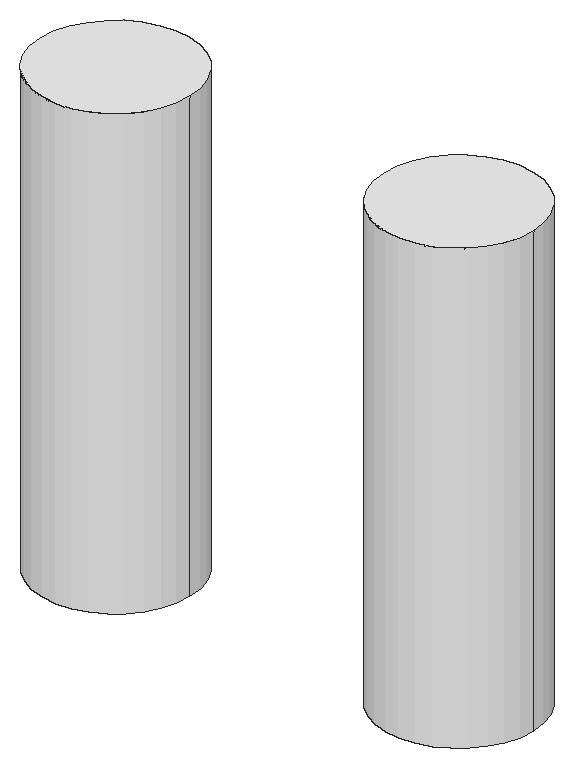
Revit family "5237226733(2023)", category Plumbing Fixtures, Revit 2020
Family settings
  Round Connector Dimension = Use Diameter
  Part Type = Normal
  OmniClass Number = 23.45.55.00
  OmniClass Title = Sanitary Faucets, Wastes
  Work Plane-Based = No
  Always vertical = Yes
  Cut with Voids When Loaded = No
  Shared = No
  Room Calculation Point = No
Parameters (values of type "5237226733 Washbasin faucet")
  Working Pressure = "50 - 1000 kPa"
  WarrantyStartDate [instance] = "n/a"
  WarrantyGuarantorParts = "n/a"
  WarrantyGuarantorLabor = "n/a"
  WarrantyDurationUnit = "Year"
  WarrantyDurationParts = "n/a"
  WarrantyDurationLabor = "n/a"
  WarrantyDescription = "http://warranty.hansa.com"
  Warranty Information URL = "http://warranty.hansa.com"
  VersionDate = "17/01/2024"
  Version = "1"
  ValvePattern = "n/a"
  ValveOperation = "n/a"
  ValveMechanism = "n/a"
  Uniclass2015Reference = "Pr_40_20_87_96"
  Uniclass2015Description = "Washbasin manual water supply sets"
  Uniclass2 = "Pr_40_30_96_96"
  URL UWL = "http://static.hansa.com/UWL/5237226733"
  URL REACH = "http://static.hansa.com/doc/reach"
  URL Materials Declaration = "http://www.hansa.com/fileadmin/resources/185565_5237226733_materialsdeclaration.pdf"
  URL EcoLabel Declaration = "http://static.hansa.com/doc/EcoLabel"
  URL EU Packaging Declaration = "http://static.hansa.com/doc/packaging"
  URL Declaration of SCIP = "http://static.hansa.com/doc/SCIP"
  URL Declaration of Conformity = "http://static.hansa.com/DoC/5237226733"
  URL Declaration of Asbestos = "http://static.hansa.com/doc/asbestos"
  URL Declaration Of Performance (DOP) = "http://static.hansa.com/doc/DoP"
  URL = ""
  UNSPSC Class Number = "30181700 Faucets or taps"
  Type Comments = ""
  TestPressure = "n/a"
  Temperature Adjustments = "Limitation option for maximum temperature and flow-rate "
  Technical DataSheet URL = "http://www.hansa.com/datasheet/5237226733/en"
  TagNumber [instance] = "n/a"
  SustainabilityPerformance = "n/a"
  Surface treatment = "Matt black"
  Spout Type = "Fixed spout"
  Spout Projection = "114 mm"
  Size = "50x150x190 mm"
  Shape = "Sculptured"
  SerialNumber [instance] = "n/a"
  Sales Package dimensions (LxWxH) = "380 x 180 x 74"
  Revision = "n/a"
  ReplacementCost = "n/a"
  ProductInformation = "n/a"
  Product URL = "http://static.hansa.com/5237226733"
  Product Image URL = "http://static.hansa.com/image/5237226733"
  Product Family = "HANSAVANTIS "
  Product Code = "5237226733"
  OperatingMechanismMaterial = "n/a"
  NominalWidth = 46.441 mm
  NominalHeight = 188.5 mm
  NominalDepth = 148.37 mm
  Noise Class = "I (ISO 3822)"
  Name_en = "5237226733 Washbasin faucet"
  Name = "5237226733 Washbasin faucet"
  NBSReference = "45-35-70/371"
  NBSDescription = "Water supply fittings for wash basins and troughs"
  ModelReference = "5237226733"
  ModelNumber = "n/a"
  Model = "5237226733 Washbasin faucet"
  Mobile Product Information URL = "http://mpi.hansa.com/5237226733"
  Mechanical Parts = "30Cartridge"
  Max. Hot Water Supply = 70 °C
  Material = "Brass"
  Market = "International;Germany;Austria;Belgium;Netherlands;Czech Republic;Slovakia;Italy"
  ManufacturerURL = "http://www.hansa.com"
  ManufacturerName = "HANSA"
  Manufacturer = "HANSA"
  Lever Handle = "Single operating lever/handle;Pin shape;Hot/Cold symbols"
  Keynote = ""
  Interactive AR View URL = "https://static.hansa.com/AR/5237226733"
  InstallationDate [instance] = "n/a"
  Installation and Maintenance Guide URL = "http://static.hansa.com/manual/5237226733"
  Installation Type = "Deck mounted"
  InletConnectionSize = 10 mm
  IfcExportType = "FAUCET"  # constant formula
  IfcExportAs = "IfcValveType"  # constant formula
  Group = "Washbasin faucet"
  Grade = "n/a"
  FlowCoefficient = 0
  Flow Rate At 300kPa With Flow Controller = 0.01 L/s
  Flow Drawing URL = "http://static.hansa.com/flowchart/5237226733"
  Finish = "Polished"
  Features = "Single-lever"
  FaucetMainMaterial = Brass
  FDV Document URL = "http://www.hansa.com/datasheet/5237226733/en/fdv"
  ExpectedLife = "n/a"
  ETIM Class Number = "EC011328 Washbasin mixing tap"
  EN Standard = "EN 817"
  EAN Number = "4057304020018"
  DurationUnit = "Year"
  Dimension Drawing URL = "http://static.hansa.com/dimdrw/5237226733"
  Description = ""
  DefaultElevation [instance] = 900 mm
  Default Elevation = 0 mm
  Constituents = "n/a"
  Connection Size = "G3/8"
  Connection = "Flexible inlet pipes"
  Color = "Matt black"
  CodePerformance = "n/a"
  CloseOffRating = 0
  Catalog Drawing URL = "http://static.hansa.com/catdrw/5237226733"
  Brand = "HANSA"
  BodyMaterial = "Brass"
  Barcode [instance] = "n/a"
  Backflow Prevention EN1717 = "AA"
  BIMObjectName = "5237226733(2023)"
  Author = "BIMStone"
  AssetType = "Fixed"
  AssetIdentifier [instance] = "n/a"
  Aerator = "PCA® - constant flow rate regardless of pressure variations"
  Advanced Features = "Inner body made of DZR brass;3S-installation system for safe and simple mounting"
  AccessibilityPerformance = "n/a"
  3D View = "https://static.hansa.com/AR/5237226733"
  2D/3D/BIM Files URL = "http://static.hansa.com/bim/5237226733"
Reference planes
  plane 1 "Center (Front/Back)": y = 0
  plane 2: z = 0
  plane 3 "Center (Left/Right)": x = 0
  plane 4: x = -23.22
  plane 5: z = 900
  plane 6: z = 870
  plane 7: y = -148.37
  plane 8: x = 23.22
  plane 9: z = 1088.5
Forms (mm)
  Extrusion 1, solid, material "Brass" <- "FaucetMainMaterial"
    sketch origin (0, -0.77, 0) x (1, 0, 0) y (0, 1, 0)
      loop
        circle (-11.5, -22.5) r 5
      loop
        circle (11.5, -22.5) r 5
    from 870 to 900
Dimensions and locks
  "DefaultElevation": plane 5 to level
  locked: plane 5 to plane 6 at 30
  "NominalDepth": plane 7 to plane 1 "Center (Front/Back)"
  equal spacing: plane 4, plane 3 "Center (Left/Right)", plane 8
  "NominalHeight": plane 9 to plane 5
  "NominalWidth": plane 4 to plane 8
  "InletConnectionSize": diameter of Extrusion 1 sketch curve  (x2)
  aligned and locked: level to plane 2
  aligned and locked: plane 5 to Extrusion 1
  aligned and locked: Extrusion 1 to plane 6
  aligned and locked: plane 3 "Center (Left/Right)" to nested 1
  aligned and locked: plane 1 "Center (Front/Back)" to nested 1
  aligned and locked: plane 5 to nested 2
  aligned and locked: plane 1 "Center (Front/Back)" to nested 2
  aligned and locked: plane 3 "Center (Left/Right)" to nested 2
  aligned and locked: nested 2 to plane 5
Automatic sketch dimensions
  Extrusion 1 sketch curve to plane 3 "Center (Left/Right)" = 11.5 mm
  plane 3 "Center (Left/Right)" to Extrusion 1 sketch curve = 11.5 mm
  plane 1 "Center (Front/Back)" to Extrusion 1 sketch curve = 23.27 mm  (x2)
Nested families
  nested 1: "Symbol" at (0, 0, 0), type "Symbol", detail levels coarse
  nested 2: "5237226733(2023)_p" at (0, 0, 900), Material <- "FaucetMainMaterial", type "5237226733(2023)_p"
    with Material Brass
Connectors
  piping at (-11.5, -23.27, 870), diameter 10, driven by "InletConnectionSize"
    settings: on Extrusion 1, index 1, connector inside diameter 609.6 mm, connector length 0 mm, flow factor 0, pipe flow 0.2 L/s, pressure drop 0.0 Pa, fitting loss kfactor 0, connector angle 0.00°, fixture units 0, engagement length 0 mm, angle of deflection 0.00°, flow configuration 1, flow direction 1, fitting loss method 0, system type 19, joint type 0, gender type 0, connector reference index -1, connector utility 0, adjustable connector no, is connector primary yes, connector description ""
  piping at (11.5, -23.27, 870), diameter 10, driven by "InletConnectionSize"
    settings: on Extrusion 1, index 2, connector inside diameter 609.6 mm, connector length 0 mm, flow factor 0, pipe flow 0.2 L/s, pressure drop 0.0 Pa, fitting loss kfactor 0, connector angle 0.00°, fixture units 0, engagement length 0 mm, angle of deflection 0.00°, flow configuration 1, flow direction 1, fitting loss method 0, system type 20, joint type 0, gender type 0, connector reference index -1, connector utility 0, adjustable connector no, is connector primary no, connector description ""
Definition of nested family "Symbol"
  Reference planes
    plane 1: y = 0
    plane 2: x = 0
  Lines and regions (mm)
    detail lines
      curve 1: line (0, 0, 0) -> (0, -1.8, 0)
      curve 2: line (-0.4, -1.1, 0) -> (0.4, -1.1, 0)
      curve 3: line (-0.4, -1.4, 0) -> (0.4, -1.4, 0)
      curve 4: line (0.863, 0, 0) -> (-0.863, 0, 0)
      curve 5: circle (-1.163, 0, 0) r 0.3 normal (0, 0, -1)
      curve 6: circle (1.163, 0, 0) r 0.3 normal (0, 0, 1)
Definition of nested family "5237226733(2023)_p"
  Parameters (values of type "2605AF-33(2023)_p")
    Material [instance] = none
    Default Elevation = 0 mm
  Reference planes
    plane 1 "Center (Front/Back)": y = 0
    plane 2: z = 0
    plane 3 "Center (Left/Right)": x = 0
    plane 4: x = -23.25
    plane 5: z = 188.504
    plane 6: y = -148.346
    plane 7: x = 23.25
  Forms (mm)
    Revolve 1, solid, material <- "Material", detail levels medium
      sketch origin (0, 0, 0) x (0, 1, 0) y (0, 0, 1)
        loop
          line (0, 0) -> (0, 149) -> (-1.259, 149)
          arc (-1.259, 149) -> (-1.447, 150.007) -> (-1.684, 151.003) r 20.419
          line (-1.684, 151.003) -> (0.052, 151.003) -> (0.052, 187.204)
          arc (0.052, 187.204) -> (-0.329, 188.123) -> (-1.248, 188.504) r 1.3
          line (-1.248, 188.504) -> (-23.25, 188.504) -> (-23.25, 0) -> (0, 0)
        axis (-23.25, 188.504) -> (-23.25, 0)
      angle from 0 to 360
    Extrusion 2, void
      sketch origin (0, 0, 0) x (0, 1, 0) y (0, 0, 1)
        loop
          line (-29.415, 149) -> (1.465, 149) -> (1.465, 159.033) -> (-29.415, 149)
      from -25 to 25
    Revolve 3, solid, material <- "Material", detail levels medium
      sketch origin (0, 0, 0) x (0, 1, 0) y (0, 0, 1)
        loop
          line (-23.25, 149) -> (-1.259, 149)
          arc (-1.259, 149) -> (-2.414, 153.229) -> (-4.444, 157.114) r 20.419
          line (-4.444, 157.114) -> (0.052, 158.574) -> (-23.25, 158.574) -> (-23.25, 149)
        axis (-23.25, 158.574) -> (-23.25, 149)
      angle from 0 to 360
    Extrusion 4, solid, material <- "Material", detail levels medium
      sketch origin (0, 0, 0) x (1, 0, 0) y (0, 0, 1)
        loop
          circle (0, 183.254) r 5.249
      from 25.036 to 110.752
    Revolve 5, solid, material <- "Material", detail levels medium
      sketch origin (0, 0, 0) x (0, 1, 0) y (0, 0, 1)
        loop
          line (-57.178, 137.285) -> (-158.484, 110.662) -> (-154.469, 95.384) -> (-33.517, 127.171) -> (-38.178, 144.906)
          arc (-38.178, 144.906) -> (-47.441, 140.504) -> (-57.178, 137.285) r 82.45
        axis (-33.517, 127.171) -> (-154.469, 95.384)
      angle from 0 to 360
    Extrusion 6, void
      sketch origin (0, 0, 0) x (0, 1, 0) y (0, 0, 1)
        loop
          line (-110.494, 79.72) -> (-161.629, 122.627) -> (-147.777, 69.922) -> (-110.494, 79.72)
      from 25 to -25
    Revolve 7, solid, material <- "Material", detail levels medium
      sketch origin (0, 0, 0) x (0, 1, 0) y (0, 0, 1)
        loop
          line (-127.606, 86.669) -> (-121.454, 95.891) -> (-131.397, 102.523) -> (-137.562, 93.386) -> (-127.606, 86.669)
        axis (-131.361, 102.576) -> (-137.562, 93.386)
      angle from 0 to 360
    Extrusion 8, solid, material <- "Material", detail levels coarse
      sketch origin (0, 0, 0) x (1, 0, 0) y (0, 1, 0)
        loop
          line (-23.25, 0) -> (-23.25, -148.346) -> (23.25, -148.346) -> (23.25, 0) -> (-23.25, 0)
      from 0 to 188.504
  Cuts and joins
    Extrusion 2 cuts Revolve 1
    Extrusion 6 cuts Revolve 5
    joined: Revolve 1, Revolve 3, Extrusion 4, Revolve 5, Revolve 7
  Lines and regions (mm)
    symbolic lines, detail levels medium+fine
      curve 1: line (0, 0, 0) -> (0, -46.5, 0)
      curve 2: line (0, -46.5, 0) -> (0, -46.5, 90.939)
      curve 3: line (0, 0, 0) -> (0, 0, 148.5)
      curve 4: line (0, -0.5, 149) -> (0, -1.259, 149)
      curve 5: line (0, -57.178, 137.285) -> (0, -147.245, 113.615)
      curve 6: line (0, -119.062, 89.027) -> (0, -61.865, 102.78)
      curve 7: arc (0, -61.865, 102.78) -> (0, -60.039, 103.172) -> (0, -58.197, 103.475) r 38.292
      curve 8: arc (0, -58.197, 103.475) -> (0, -53.761, 103.135) -> (0, -49.87, 100.978) r 10.432
      curve 9: arc (0, -46.5, 90.939) -> (0, -46.537, 92.672) -> (0, -46.647, 94.402) r 40.923
      curve 10: arc (0, -46.647, 94.402) -> (0, -47.641, 97.992) -> (0, -49.87, 100.978) r 10.098
      curve 11: line (0, -122.568, 89.852) -> (0, -124.437, 91.42)
      curve 12: arc (0, -147.245, 113.615) -> (0, -148.316, 112.504) -> (0, -147.822, 111.042) r 1.484
      curve 13: arc (0, -122.568, 89.852) -> (0, -120.913, 89.022) -> (0, -119.062, 89.027) r 4
      curve 14: line (0, -125.384, 89.999) -> (0, -124.437, 91.42)
      curve 15: line (0, -125.384, 89.999) -> (0, -126.216, 90.554)
      curve 16: line (0, -126.216, 90.554) -> (0, -128.435, 87.228)
      curve 17: line (0, -128.435, 87.228) -> (0, -146.689, 99.545)
      curve 18: line (0, -144.452, 102.861) -> (0, -146.689, 99.545)
      curve 19: line (0, -144.452, 102.861) -> (0, -145.284, 103.416)
      curve 20: line (0, -145.284, 103.416) -> (0, -142.933, 106.94)
      curve 21: line (0, -142.933, 106.94) -> (0, -147.822, 111.042)
      curve 23: arc (0, -50.889, 139.528) -> (0, -53.986, 138.272) -> (0, -57.178, 137.285) r 39.075
      curve 24: arc (0, -47.972, 142.978) -> (0, -49.044, 140.926) -> (0, -50.889, 139.528) r 5.294
      curve 25: arc (0, -46.567, 148.613) -> (0, -47.246, 145.79) -> (0, -47.972, 142.978) r 174.752
      curve 26: arc (0, -46.08, 149) -> (0, -46.391, 148.891) -> (0, -46.567, 148.613) r 0.5
      curve 27: arc (0, 0, 148.5) -> (0, -0.146, 148.854) -> (0, -0.5, 149) r 0.5
      curve 30: line (0, -46.552, 174.505) -> (0, -46.552, 151.003)
      curve 31: line (0, -50.052, 178.005) -> (0, -108.752, 178.005)
      curve 32: line (0, -110.752, 186.504) -> (0, -110.752, 180.005)
      curve 33: line (0, -108.752, 188.504) -> (0, -1.25, 188.504)
      curve 34: line (0, 0, 187.254) -> (0, 0, 158.557)
      curve 35: arc (0, -1.25, 188.504) -> (0, -0.366, 188.138) -> (0, 0, 187.254) r 1.25
      curve 36: arc (0, -110.752, 186.504) -> (0, -110.166, 187.918) -> (0, -108.752, 188.504) r 2
      curve 37: arc (0, -110.752, 180.005) -> (0, -110.166, 178.591) -> (0, -108.752, 178.005) r 2
      curve 38: arc (0, -46.552, 174.505) -> (0, -47.577, 176.98) -> (0, -50.052, 178.005) r 3.5
      curve 39: arc (0, -1.259, 149) -> (0, -2.414, 153.229) -> (0, -4.444, 157.114) r 20.419
      curve 40: line (0, -45.318, 149) -> (0, -44.637, 151.003)
      curve 42: line (0, -4.444, 157.114) -> (0, 0, 158.557)
      curve 43: line (0, -44.637, 151.003) -> (0, -46.552, 151.003)
      curve 44: line (0, -45.318, 149) -> (0, -46.08, 149)
      curve 45: line (-23.25, 0, 148.5) -> (-23.25, 0, 0)
      curve 46: line (-23.25, 0, 0) -> (0, 0, 0)
      curve 47: line (-21.407, 0, 151.003) -> (-22.066, 0, 149)
      curve 48: line (-22.75, 0, 149) -> (-22.066, 0, 149)
      curve 49: arc (-23.25, 0, 148.5) -> (-23.104, 0, 148.854) -> (-22.75, 0, 149) r 0.5
      curve 50: line (-21.407, 0, 151.003) -> (-22.75, 0, 151.003)
      curve 51: line (-23.25, 0, 151.503) -> (-23.25, 0, 188.004)
      curve 52: line (-22.75, 0, 188.504) -> (0, 0, 188.504)
      curve 53: arc (-22.75, 0, 188.504) -> (-23.104, 0, 188.357) -> (-23.25, 0, 188.004) r 0.5
      curve 54: arc (-23.25, 0, 151.503) -> (-23.104, 0, 151.149) -> (-22.75, 0, 151.003) r 0.5
      curve 57: line (23.25, 0, 148.5) -> (23.25, 0, 0)
      curve 58: line (23.25, 0, 0) -> (0, 0, 0)
      curve 59: line (21.407, 0, 151.003) -> (22.066, 0, 149)
      curve 60: arc (23.25, 0, 148.5) -> (23.104, 0, 148.854) -> (22.75, 0, 149) r 0.5
      curve 61: line (21.407, 0, 151.003) -> (22.75, 0, 151.003)
      curve 62: line (23.25, 0, 151.503) -> (23.25, 0, 188.004)
      curve 63: line (22.75, 0, 188.504) -> (0, 0, 188.504)
      curve 64: arc (22.75, 0, 188.504) -> (23.104, 0, 188.357) -> (23.25, 0, 188.004) r 0.5
      curve 65: arc (23.25, 0, 151.503) -> (23.104, 0, 151.149) -> (22.75, 0, 151.003) r 0.5
      curve 68: line (22.066, 0, 149) -> (22.75, 0, 149)
      curve 79: line (-15.365, -133.132, 0) -> (-16.186, -52.605, 0)
      curve 80: arc (-16.186, -52.605, 0) -> (-16.449, -47.476, 0) -> (-17.133, -42.386, 0) r 62.47
      curve 81: line (15.365, -133.132, 0) -> (16.186, -52.605, 0)
      curve 82: arc (16.186, -52.605, 0) -> (16.449, -47.476, 0) -> (17.133, -42.386, 0) r 62.47
      curve 83: arc (15.365, -133.132, 0) -> (0, -148.341, 0) -> (-15.365, -133.132, 0) r 15.366
      curve 90: arc (-17.133, -42.386, 0) -> (-17.952, -39.243, 0) -> (-19.262, -36.27, 0) r 20.277
      curve 91: arc (17.133, -42.386, 0) -> (17.952, -39.243, 0) -> (19.262, -36.27, 0) r 20.277
      curve 92: arc (19.262, -36.27, 0) -> (0, 0, 0) -> (-19.262, -36.27, 0) r 23.25
    symbolic lines, detail levels fine
      curve 22: line (0, -124.437, 91.42) -> (0, -142.933, 106.94)
      curve 28: line (0, -23.25, 151.003) -> (0, -4.444, 157.114)
      curve 29: line (0, -23.25, 151.003) -> (0, -44.637, 151.003)
      curve 41: line (0, -1.259, 149) -> (0, -45.318, 149)
      curve 55: line (-21.407, 0, 151.003) -> (0, 0, 151.003)
      curve 56: line (-22.066, 0, 149) -> (0, 0, 149)
      curve 66: line (21.407, 0, 151.003) -> (0, 0, 151.003)
      curve 67: line (22.066, 0, 149) -> (0, 0, 149)
      curve 69: circle (0, 0, 183.254) r 5.249 normal (0, -1, 0)
      curve 70: spline (11.937, 0, 93.507) -> (11.53, 0, 91.922) -> (10.338, 0, 90.445) -> (8.441, 0, 89.176) -> (5.969, 0, 88.203) -> (3.09, 0, 87.591) -> (0, 0, 87.382) -> (-3.09, 0, 87.591) -> (-5.969, 0, 88.203) -> (-8.441, 0, 89.176) -> (-10.338, 0, 90.445) -> (-11.53, 0, 91.922) -> (-11.937, 0, 93.507) -> (-11.53, 0, 95.092) -> (-10.338, 0, 96.569) -> (-8.441, 0, 97.838) -> (-5.969, 0, 98.811) -> (-3.09, 0, 99.423) -> (0, 0, 99.632) -> (3.09, 0, 99.423) -> (5.969, 0, 98.811) -> (8.441, 0, 97.838) -> (10.338, 0, 96.569) -> (11.53, 0, 95.092) -> (11.937, 0, 93.507)
      curve 71: line (-11.937, 0, 93.507) -> (-11.937, 0, 100.522)
      curve 72: spline (11.478, 0, 91.825) -> (14.443, 0, 96.12) -> (15.32, 0, 101.051) -> (13.981, 0, 105.906) -> (10.62, 0, 109.983) -> (5.724, 0, 112.691) -> (0, 0, 113.639) -> (-5.724, 0, 112.691) -> (-10.62, 0, 109.983) -> (-13.981, 0, 105.906) -> (-15.32, 0, 101.051) -> (-14.443, 0, 96.12) -> (-11.478, 0, 91.825)
      curve 73: line (11.937, 0, 93.507) -> (11.937, 0, 100.522)
      curve 74: spline (11.937, 0, 100.522) -> (11.53, 0, 102.221) -> (10.338, 0, 103.804) -> (8.441, 0, 105.164) -> (5.969, 0, 106.208) -> (3.09, 0, 106.864) -> (0, 0, 107.087) -> (-3.09, 0, 106.864) -> (-5.969, 0, 106.208) -> (-8.441, 0, 105.164) -> (-10.338, 0, 103.804) -> (-11.53, 0, 102.221) -> (-11.937, 0, 100.522)
      curve 75: line (-15.332, 0, 100.522) -> (-16.377, 0, 123.486)
      curve 76: line (15.332, 0, 100.522) -> (16.377, 0, 123.486)
      curve 77: spline (16.377, 0, 123.486) -> (15.819, 0, 127.057) -> (14.183, 0, 130.385) -> (11.58, 0, 133.243) -> (8.189, 0, 135.436) -> (4.239, 0, 136.814) -> (0, 0, 137.285) -> (-4.239, 0, 136.814) -> (-8.189, 0, 135.436) -> (-11.58, 0, 133.243) -> (-14.183, 0, 130.385) -> (-15.819, 0, 127.057) -> (-16.377, 0, 123.486)
      curve 78: arc (-19.262, -36.27, 0) -> (0, -46.5, 0) -> (19.262, -36.27, 0) r 23.25
      curve 84: line (-5.25, -108.752, 0) -> (-5.25, -45.899, 0)
      curve 85: line (0, -110.752, 0) -> (-3.25, -110.752, 0)
      curve 86: arc (-3.25, -110.752, 0) -> (-4.664, -110.166, 0) -> (-5.25, -108.752, 0) r 2
      curve 87: line (5.25, -108.752, 0) -> (5.25, -45.899, 0)
      curve 88: line (0, -110.752, 0) -> (3.25, -110.752, 0)
      curve 89: arc (3.25, -110.752, 0) -> (4.664, -110.166, 0) -> (5.25, -108.752, 0) r 2
  Dimensions and locks
    aligned and locked: level to plane 2
